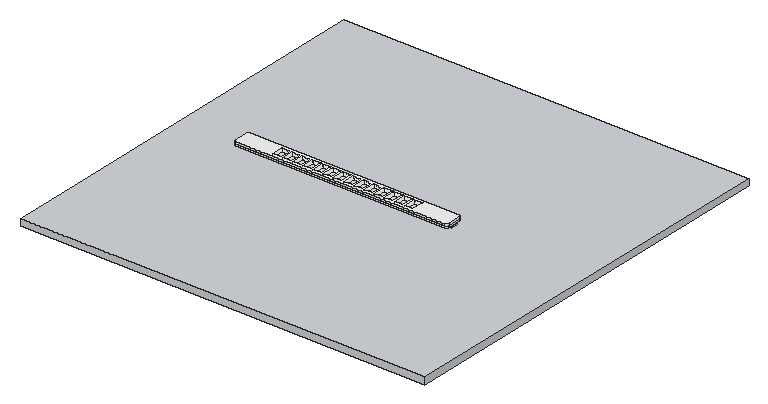
Revit family "Zumtobel CLEVO", category Lighting Fixtures, host Face, Revit 2018
Family settings
  Host = Face
  Round Connector Dimension = Use Diameter
  Part Type = Normal
  OmniClass Number = 23.80.70.11
  OmniClass Title = Luminaries for Internal Lighting
  Cut with Voids When Loaded = No
  Light Source = Yes
  Shared = No
  Room Calculation Point = No
Parameters (values of type "CLEVO MSC 3400-840 L1580 LDO SR SRG TEC")
  Width = 60 mm  # constant formula
  Wattage Comments = ""
  Wattage = 22.7545 W
  built-in parameter 1150110 = 1 (stored number, unit not read)
  Voltage = 230 V
  URL = "http://www.zumtobel.com/442943073"
  Type Comments = "© Zumtobel. We reserve the right to make technical changes without prior notice."  # constant formula
  built-in parameter 1114217 = 1 (stored number, unit not read)
  Tilt Angle = 180.00°
  built-in parameter 1150109 = 1 (stored number, unit not read)
  built-in parameter 1150134 = 12
  built-in parameter 1150113 = 1 (stored number, unit not read)
  Photometric Web File = "42943073_(STD_LEO).IES"
  built-in parameter 1150105 = 268.97 (stored number, unit not read)
  Lumens = 3380 lm
  built-in parameter 1150115 = 1 (stored number, unit not read)
  built-in parameter 1150137 = (empty or 0)
  built-in parameter 1150139 = (empty or 0)
  Length = 1580 mm  # constant formula
  built-in parameter 1150112 = 1 (stored number, unit not read)
  built-in parameter 1150114 = 1 (stored number, unit not read)
  built-in parameter 1150132 = 2
  built-in parameter 1150102 = (empty or 0)
  built-in parameter 1150107 = 4000 (stored number, unit not read)
  built-in parameter 1150138 = (empty or 0)
  built-in parameter 1150106 = 2.6897 (stored number, unit not read)
  Height = 85 mm  # constant formula
  built-in parameter 1150104 = 13.8 (stored number, unit not read)
  Dimming Lamp Color Temperature Shift = <None>
  Model = "42943073"
  Manufacturer = "Zumtobel Lighting"  # constant formula
  Lamp = "LED"
  Description = "LED TEC luminaire"  # constant formula
  Default Elevation = 0 mm
  Color Filter = 16777215
  Body [instance] = ZG_Metal_White
  built-in parameter 1114218 = 1 (stored number, unit not read)
  built-in parameter 1150133 = 10 (stored number, unit not read)
  Assembly Code = "D5020200"
  Apparent Load = 24.5 VA
Reference planes
  plane 1 "Center (Front/Back)": y = 0
  plane 2 "Bottom": z = 0
  plane 3 "Center (Left/Right)": x = -735.5
  plane 4 "Left": x = -1525.5
  plane 5: y = -22
  plane 6: y = 22
  plane 7: z = 37.5
  plane 8 "Right": x = 54.5
  plane 9: z = 24
  plane 10: z = 10.5
  plane 11: z = 5.643
  plane 12: y = 64
  plane 13: y = -64
  plane 14: x = -1375.5
  plane 15 "2": x = -95.5
Forms (mm)
  Extrusion 1, solid
    sketch origin (123, 0, 0) x (1, 0, 0) y (0, 1, 0)
      loop
        line (-2085.5, 1500) -> (-2085.5, -1500) -> (914.5, -1500) -> (914.5, 1500) -> (-2085.5, 1500)
    from 0 to -50
  Extrusion 2, solid, material "ZG_Metal_White" <- "Body"
    sketch origin (-735.5, 0, -48.078) x (0, -1, 0) y (0, 0, 1)
      loop
        line (-49, 58.578) -> (-49, 53.72) -> (49, 53.72) -> (49, 58.578) -> (-49, 58.578)
    from -640 to 640
  Extrusion 3, solid, material "ZG_Metal_White" <- "Body"
    sketch origin (0, 0, 0) x (1, 0, 0) y (0, 1, 0)
      loop
        arc (-1510.5, 64) -> (-1521.107, 59.607) -> (-1525.5, 49) r 15
        line (-1525.5, 49) -> (-1525.5, -49)
        arc (-1525.5, -49) -> (-1521.107, -59.607) -> (-1510.5, -64) r 15
        line (-1510.5, -64) -> (39.5, -64)
        arc (39.5, -64) -> (50.107, -59.607) -> (54.5, -49) r 15
        line (54.5, -49) -> (54.5, 49)
        arc (54.5, 49) -> (50.107, 59.607) -> (39.5, 64) r 15
        line (39.5, 64) -> (-1510.5, 64)
    from 10.5 to 24
  Extrusion 4, solid, material "ZG_Metal_White" <- "Body"
    sketch origin (0, 0, 13.5) x (1, 0, 0) y (0, 1, 0)
      loop
        arc (-1510.5, 64) -> (-1521.107, 59.607) -> (-1525.5, 49) r 15
        line (-1525.5, 49) -> (-1525.5, -49)
        arc (-1525.5, -49) -> (-1521.107, -59.607) -> (-1510.5, -64) r 15
        line (-1510.5, -64) -> (39.5, -64)
        arc (39.5, -64) -> (50.107, -59.607) -> (54.5, -49) r 15
        line (54.5, -49) -> (54.5, 49)
        arc (54.5, 49) -> (50.107, 59.607) -> (39.5, 64) r 15
        line (39.5, 64) -> (-1510.5, 64)
    from 10.5 to 24
  Blend 5, void
    base sketch origin (76.229, 0, 0) x (1, 0, 0) y (0, 1, 0)
      loop
        line (-1334.229, 44) -> (-1334.229, -44) -> (-1269.229, -44) -> (-1269.229, 44) -> (-1334.229, 44)
    top sketch origin (76.229, 0, 0) x (1, 0, 0) y (0, 1, 0)
      loop
        line (-1319.229, 29) -> (-1319.229, -29) -> (-1284.229, -29) -> (-1284.229, 29) -> (-1319.229, 29)
    from 37.5 to 24
  Blend 6, void
    base sketch origin (151.229, 0, 0) x (1, 0, 0) y (0, 1, 0)
      loop
        line (-1334.229, 44) -> (-1334.229, -44) -> (-1269.229, -44) -> (-1269.229, 44) -> (-1334.229, 44)
    top sketch origin (151.229, 0, 0) x (1, 0, 0) y (0, 1, 0)
      loop
        line (-1319.229, 29) -> (-1319.229, -29) -> (-1284.229, -29) -> (-1284.229, 29) -> (-1319.229, 29)
    from 37.5 to 24
  Blend 7, void
    base sketch origin (226.229, 0, 0) x (1, 0, 0) y (0, 1, 0)
      loop
        line (-1334.229, 44) -> (-1334.229, -44) -> (-1269.229, -44) -> (-1269.229, 44) -> (-1334.229, 44)
    top sketch origin (226.229, 0, 0) x (1, 0, 0) y (0, 1, 0)
      loop
        line (-1319.229, 29) -> (-1319.229, -29) -> (-1284.229, -29) -> (-1284.229, 29) -> (-1319.229, 29)
    from 37.5 to 24
  Blend 8, void
    base sketch origin (301.229, 0, 0) x (1, 0, 0) y (0, 1, 0)
      loop
        line (-1334.229, 44) -> (-1334.229, -44) -> (-1269.229, -44) -> (-1269.229, 44) -> (-1334.229, 44)
    top sketch origin (301.229, 0, 0) x (1, 0, 0) y (0, 1, 0)
      loop
        line (-1319.229, 29) -> (-1319.229, -29) -> (-1284.229, -29) -> (-1284.229, 29) -> (-1319.229, 29)
    from 37.5 to 24
  Blend 9, void
    base sketch origin (376.229, 0, 0) x (1, 0, 0) y (0, 1, 0)
      loop
        line (-1334.229, 44) -> (-1334.229, -44) -> (-1269.229, -44) -> (-1269.229, 44) -> (-1334.229, 44)
    top sketch origin (376.229, 0, 0) x (1, 0, 0) y (0, 1, 0)
      loop
        line (-1319.229, 29) -> (-1319.229, -29) -> (-1284.229, -29) -> (-1284.229, 29) -> (-1319.229, 29)
    from 37.5 to 24
  Blend 10, void
    base sketch origin (451.229, 0, 0) x (1, 0, 0) y (0, 1, 0)
      loop
        line (-1334.229, 44) -> (-1334.229, -44) -> (-1269.229, -44) -> (-1269.229, 44) -> (-1334.229, 44)
    top sketch origin (451.229, 0, 0) x (1, 0, 0) y (0, 1, 0)
      loop
        line (-1319.229, 29) -> (-1319.229, -29) -> (-1284.229, -29) -> (-1284.229, 29) -> (-1319.229, 29)
    from 37.5 to 24
  Blend 11, void
    base sketch origin (526.229, 0, 0) x (1, 0, 0) y (0, 1, 0)
      loop
        line (-1334.229, 44) -> (-1334.229, -44) -> (-1269.229, -44) -> (-1269.229, 44) -> (-1334.229, 44)
    top sketch origin (526.229, 0, 0) x (1, 0, 0) y (0, 1, 0)
      loop
        line (-1319.229, 29) -> (-1319.229, -29) -> (-1284.229, -29) -> (-1284.229, 29) -> (-1319.229, 29)
    from 37.5 to 24
  Blend 12, void
    base sketch origin (-1547.229, 0, 0) x (-1, 0, 0) y (0, -1, 0)
      loop
        line (-1334.229, -44) -> (-1269.229, -44) -> (-1269.229, 44) -> (-1334.229, 44) -> (-1334.229, -44)
    top sketch origin (-1547.229, 0, 0) x (-1, 0, 0) y (0, -1, 0)
      loop
        line (-1319.229, -29) -> (-1284.229, -29) -> (-1284.229, 29) -> (-1319.229, 29) -> (-1319.229, -29)
    from 37.5 to 24
  Blend 13, void
    base sketch origin (-1622.229, 0, 0) x (-1, 0, 0) y (0, -1, 0)
      loop
        line (-1334.229, -44) -> (-1269.229, -44) -> (-1269.229, 44) -> (-1334.229, 44) -> (-1334.229, -44)
    top sketch origin (-1622.229, 0, 0) x (-1, 0, 0) y (0, -1, 0)
      loop
        line (-1319.229, -29) -> (-1284.229, -29) -> (-1284.229, 29) -> (-1319.229, 29) -> (-1319.229, -29)
    from 37.5 to 24
  Blend 14, void
    base sketch origin (-1697.229, 0, 0) x (-1, 0, 0) y (0, -1, 0)
      loop
        line (-1334.229, -44) -> (-1269.229, -44) -> (-1269.229, 44) -> (-1334.229, 44) -> (-1334.229, -44)
    top sketch origin (-1697.229, 0, 0) x (-1, 0, 0) y (0, -1, 0)
      loop
        line (-1319.229, -29) -> (-1284.229, -29) -> (-1284.229, 29) -> (-1319.229, 29) -> (-1319.229, -29)
    from 37.5 to 24
  Blend 15, void
    base sketch origin (-1772.229, 0, 0) x (-1, 0, 0) y (0, -1, 0)
      loop
        line (-1334.229, -44) -> (-1269.229, -44) -> (-1269.229, 44) -> (-1334.229, 44) -> (-1334.229, -44)
    top sketch origin (-1772.229, 0, 0) x (-1, 0, 0) y (0, -1, 0)
      loop
        line (-1319.229, -29) -> (-1284.229, -29) -> (-1284.229, 29) -> (-1319.229, 29) -> (-1319.229, -29)
    from 37.5 to 24
  Blend 16, void
    base sketch origin (-1847.229, 0, 0) x (-1, 0, 0) y (0, -1, 0)
      loop
        line (-1334.229, -44) -> (-1269.229, -44) -> (-1269.229, 44) -> (-1334.229, 44) -> (-1334.229, -44)
    top sketch origin (-1847.229, 0, 0) x (-1, 0, 0) y (0, -1, 0)
      loop
        line (-1319.229, -29) -> (-1284.229, -29) -> (-1284.229, 29) -> (-1319.229, 29) -> (-1319.229, -29)
    from 37.5 to 24
  Blend 17, void
    base sketch origin (-1922.229, 0, 0) x (-1, 0, 0) y (0, -1, 0)
      loop
        line (-1334.229, -44) -> (-1269.229, -44) -> (-1269.229, 44) -> (-1334.229, 44) -> (-1334.229, -44)
    top sketch origin (-1922.229, 0, 0) x (-1, 0, 0) y (0, -1, 0)
      loop
        line (-1319.229, -29) -> (-1284.229, -29) -> (-1284.229, 29) -> (-1319.229, 29) -> (-1319.229, -29)
    from 37.5 to 24
  Blend 18, void
    base sketch origin (-1997.229, 0, 0) x (-1, 0, 0) y (0, -1, 0)
      loop
        line (-1334.229, -44) -> (-1269.229, -44) -> (-1269.229, 44) -> (-1334.229, 44) -> (-1334.229, -44)
    top sketch origin (-1997.229, 0, 0) x (-1, 0, 0) y (0, -1, 0)
      loop
        line (-1319.229, -29) -> (-1284.229, -29) -> (-1284.229, 29) -> (-1319.229, 29) -> (-1319.229, -29)
    from 37.5 to 24
  Extrusion 19, solid, material "ZG_Metal_White" <- "Body"
    sketch origin (-735.5, 0, -48.078) x (0, -1, 0) y (0, 0, 1)
      loop
        line (-24.468, 53.72) -> (-24.468, 42) -> (-21.81, 42) -> (-21.81, 48.078) -> (21.81, 48.078) -> (21.81, 42) -> (24.468, 42) -> (24.468, 53.72) -> (-24.468, 53.72)
    from -790 to 790
Cuts and joins
  Blend 5, Blend 6, Blend 7, Blend 8, Blend 9, Blend 10, Blend 11, Blend 12, Blend 13, Blend 14, Blend 15, Blend 16, Blend 17, Blend 18 cuts Extrusion 4
  Blend 6, Blend 7, Blend 8, Blend 9, Blend 10, Blend 11, Blend 12, Blend 13, Blend 14, Blend 15, Blend 16, Blend 17, Blend 18 cuts Extrusion 3
Lines and regions (mm)
  symbolic lines, not visible, detail levels coarse
    curve 1: line (-735.5, 80, 0) -> (-735.5, -80, 0)
    curve 2: line (-735.5, 80, 0) -> (-735.5, -80, 0)
Dimensions and locks
  equal spacing: plane 4 "Left", plane 3 "Center (Left/Right)", plane 8 "Right"
  "Length": plane 4 "Left" to plane 8 "Right"
  locked: plane 7 to plane 2 "Bottom" at 37.5
  plane 12 to imposter light to plane 13 = 64 mm locked, 64 mm locked
  plane 7 to plane 9 to plane 10 = 13.5 mm locked, 13.5 mm locked
  locked: plane 4 "Left" to plane 14 at 150
  locked: plane 8 "Right" to plane 15 "2" at 150
  aligned and locked: plane 2 "Bottom" to Extrusion 1
  aligned and locked: level to Extrusion 1
  aligned and locked: imposter light to plane 3 "Center (Left/Right)"
  aligned and locked: imposter light to plane 1 "Center (Front/Back)"
  aligned and locked: imposter light to plane 7
  aligned and locked: Extrusion 2 sketch curve to plane 11
  aligned and locked: plane 10 to Extrusion 2 sketch curve
  aligned and locked: plane 12 to Extrusion 3 sketch curve
  aligned and locked: Extrusion 3 sketch curve to plane 4 "Left"
  aligned and locked: plane 13 to Extrusion 3 sketch curve
  aligned and locked: Extrusion 3 sketch curve to plane 8 "Right"
  aligned and locked: Extrusion 3 to plane 10
  aligned and locked: Extrusion 3 to plane 9
  aligned and locked: Extrusion 4 to plane 9
  aligned and locked: plane 7 to Extrusion 4
  aligned and locked: Extrusion 4 sketch curve to plane 8 "Right"
  aligned and locked: plane 12 to Extrusion 4 sketch curve
  aligned and locked: plane 13 to Extrusion 4 sketch curve
  aligned and locked: Extrusion 4 sketch curve to plane 4 "Left"
  aligned and locked: Extrusion 2 to plane 14
  aligned and locked: plane 4 "Left" to Extrusion 19
  aligned and locked: plane 15 "2" to Extrusion 2
Automatic sketch dimensions
  curve 1 to plane 3 "Center (Left/Right)" = 0 mm
  curve 2 to plane 3 "Center (Left/Right)" = 0 mm
  curve 1 to plane 13 = 16 mm
  curve 2 to curve 1 = 0 mm
  curve 2 to plane 12 = 16 mm
  curve 1 to curve 2 = 0 mm
  Extrusion 1 sketch curve to Extrusion 1 sketch curve = 3000 mm  (x2)
  plane 12 to Extrusion 2 sketch curve = 15 mm
  plane 13 to Extrusion 2 sketch curve = 15 mm
  Extrusion 3 sketch curve to plane 4 "Left" = 15 mm
  Extrusion 3 sketch curve to Extrusion 3 sketch curve = 15 mm
  Extrusion 3 sketch curve to plane 8 "Right" = 15 mm  (x2)
  Extrusion 4 sketch curve to plane 4 "Left" = 15 mm  (x2)
  Extrusion 4 sketch curve to plane 8 "Right" = 15 mm  (x2)
  plane 13 to Blend 5 sketch curve = 20 mm
  plane 14 to Blend 5 sketch curve = 117.5 mm
  Blend 5 sketch curve to Blend 5 sketch curve = 65 mm
  plane 12 to Blend 5 sketch curve = 20 mm
  plane 5 to Blend 5 sketch curve = 7 mm
  plane 14 to Blend 5 sketch curve = 132.5 mm
  Blend 5 sketch curve to Blend 5 sketch curve = 35 mm
  plane 6 to Blend 5 sketch curve = 7 mm
  plane 13 to Blend 6 sketch curve = 20 mm
  plane 14 to Blend 6 sketch curve = 192.5 mm
  Blend 6 sketch curve to Blend 6 sketch curve = 65 mm
  plane 12 to Blend 6 sketch curve = 20 mm
  plane 5 to Blend 6 sketch curve = 7 mm
  plane 14 to Blend 6 sketch curve = 207.5 mm
  Blend 6 sketch curve to Blend 6 sketch curve = 35 mm
  plane 6 to Blend 6 sketch curve = 7 mm
  plane 13 to Blend 7 sketch curve = 20 mm
  plane 14 to Blend 7 sketch curve = 267.5 mm
  Blend 7 sketch curve to Blend 7 sketch curve = 65 mm
  plane 12 to Blend 7 sketch curve = 20 mm
  plane 5 to Blend 7 sketch curve = 7 mm
  plane 14 to Blend 7 sketch curve = 282.5 mm
  Blend 7 sketch curve to Blend 7 sketch curve = 35 mm
  plane 6 to Blend 7 sketch curve = 7 mm
  plane 13 to Blend 8 sketch curve = 20 mm
  plane 3 "Center (Left/Right)" to Blend 8 sketch curve = 297.5 mm
  Blend 8 sketch curve to Blend 8 sketch curve = 65 mm
  plane 12 to Blend 8 sketch curve = 20 mm
  plane 5 to Blend 8 sketch curve = 7 mm
  plane 3 "Center (Left/Right)" to Blend 8 sketch curve = 282.5 mm
  Blend 8 sketch curve to Blend 8 sketch curve = 35 mm
  plane 6 to Blend 8 sketch curve = 7 mm
  plane 13 to Blend 9 sketch curve = 20 mm
  plane 3 "Center (Left/Right)" to Blend 9 sketch curve = 222.5 mm
  Blend 9 sketch curve to Blend 9 sketch curve = 65 mm
  plane 12 to Blend 9 sketch curve = 20 mm
  plane 5 to Blend 9 sketch curve = 7 mm
  plane 3 "Center (Left/Right)" to Blend 9 sketch curve = 207.5 mm
  Blend 9 sketch curve to Blend 9 sketch curve = 35 mm
  plane 6 to Blend 9 sketch curve = 7 mm
  plane 13 to Blend 10 sketch curve = 20 mm
  plane 3 "Center (Left/Right)" to Blend 10 sketch curve = 147.5 mm
  Blend 10 sketch curve to Blend 10 sketch curve = 65 mm
  plane 12 to Blend 10 sketch curve = 20 mm
  plane 5 to Blend 10 sketch curve = 7 mm
  plane 3 "Center (Left/Right)" to Blend 10 sketch curve = 132.5 mm
  Blend 10 sketch curve to Blend 10 sketch curve = 35 mm
  plane 6 to Blend 10 sketch curve = 7 mm
  plane 13 to Blend 11 sketch curve = 20 mm
  plane 3 "Center (Left/Right)" to Blend 11 sketch curve = 72.5 mm
  plane 3 "Center (Left/Right)" to Blend 11 sketch curve = 7.5 mm
  plane 12 to Blend 11 sketch curve = 20 mm
  plane 5 to Blend 11 sketch curve = 7 mm
  plane 3 "Center (Left/Right)" to Blend 11 sketch curve = 57.5 mm
  plane 3 "Center (Left/Right)" to Blend 11 sketch curve = 22.5 mm
  plane 6 to Blend 11 sketch curve = 7 mm
  Blend 12 sketch curve to plane 13 = 20 mm
  plane 15 "2" to Blend 12 sketch curve = 117.5 mm
  Blend 12 sketch curve to Blend 12 sketch curve = 65 mm
  Blend 12 sketch curve to plane 12 = 20 mm
  Blend 12 sketch curve to plane 5 = 7 mm
  plane 15 "2" to Blend 12 sketch curve = 132.5 mm
  Blend 12 sketch curve to Blend 12 sketch curve = 35 mm
  Blend 12 sketch curve to plane 6 = 7 mm
  Blend 13 sketch curve to plane 13 = 20 mm
  plane 15 "2" to Blend 13 sketch curve = 192.5 mm
  Blend 13 sketch curve to Blend 13 sketch curve = 65 mm
  Blend 13 sketch curve to plane 12 = 20 mm
  Blend 13 sketch curve to plane 5 = 7 mm
  plane 15 "2" to Blend 13 sketch curve = 207.5 mm
  Blend 13 sketch curve to Blend 13 sketch curve = 35 mm
  Blend 13 sketch curve to plane 6 = 7 mm
  Blend 14 sketch curve to plane 13 = 20 mm
  plane 15 "2" to Blend 14 sketch curve = 267.5 mm
  Blend 14 sketch curve to Blend 14 sketch curve = 65 mm
  Blend 14 sketch curve to plane 12 = 20 mm
  Blend 14 sketch curve to plane 5 = 7 mm
  plane 15 "2" to Blend 14 sketch curve = 282.5 mm
  Blend 14 sketch curve to Blend 14 sketch curve = 35 mm
  Blend 14 sketch curve to plane 6 = 7 mm
  Blend 15 sketch curve to plane 13 = 20 mm
  plane 3 "Center (Left/Right)" to Blend 15 sketch curve = 297.5 mm
  Blend 15 sketch curve to Blend 15 sketch curve = 65 mm
  Blend 15 sketch curve to plane 12 = 20 mm
  Blend 15 sketch curve to plane 5 = 7 mm
  plane 3 "Center (Left/Right)" to Blend 15 sketch curve = 282.5 mm
  Blend 15 sketch curve to Blend 15 sketch curve = 35 mm
  Blend 15 sketch curve to plane 6 = 7 mm
  Blend 16 sketch curve to plane 13 = 20 mm
  plane 3 "Center (Left/Right)" to Blend 16 sketch curve = 222.5 mm
  Blend 16 sketch curve to Blend 16 sketch curve = 65 mm
  Blend 16 sketch curve to plane 12 = 20 mm
  Blend 16 sketch curve to plane 5 = 7 mm
  plane 3 "Center (Left/Right)" to Blend 16 sketch curve = 207.5 mm
  Blend 16 sketch curve to Blend 16 sketch curve = 35 mm
  Blend 16 sketch curve to plane 6 = 7 mm
  Blend 17 sketch curve to plane 13 = 20 mm
  plane 3 "Center (Left/Right)" to Blend 17 sketch curve = 147.5 mm
  Blend 17 sketch curve to Blend 17 sketch curve = 65 mm
  Blend 17 sketch curve to plane 12 = 20 mm
  Blend 17 sketch curve to plane 5 = 7 mm
  plane 3 "Center (Left/Right)" to Blend 17 sketch curve = 132.5 mm
  Blend 17 sketch curve to Blend 17 sketch curve = 35 mm
  Blend 17 sketch curve to plane 6 = 7 mm
  Blend 18 sketch curve to plane 13 = 20 mm
  plane 3 "Center (Left/Right)" to Blend 18 sketch curve = 72.5 mm
  plane 3 "Center (Left/Right)" to Blend 18 sketch curve = 7.5 mm
  Blend 18 sketch curve to plane 12 = 20 mm
  Blend 18 sketch curve to plane 5 = 7 mm
  plane 3 "Center (Left/Right)" to Blend 18 sketch curve = 57.5 mm
  plane 3 "Center (Left/Right)" to Blend 18 sketch curve = 22.5 mm
  Blend 18 sketch curve to plane 6 = 7 mm
  Extrusion 19 sketch curve to level = 0 mm
  plane 6 to Extrusion 19 sketch curve = 2.468 mm
  Extrusion 19 sketch curve to plane 6 = 0.19 mm
  Extrusion 19 sketch curve to plane 5 = 0.19 mm
  Extrusion 19 sketch curve to level = 6.078 mm  (x2)
  Extrusion 19 sketch curve to plane 11 = 0 mm
  plane 5 to Extrusion 19 sketch curve = 2.468 mm
Connectors
  electrical at (-735.5, 0, 0), driven by "Apparent Load", driven by "Voltage"
    settings: index 1, voltage 230 V, apparent load 0 VA, apparent load phase1 24.5 VA, apparent load phase2 0 VA, apparent load phase3 0 VA, power factor 1, load classification "Lighting", number of poles 1, system type 31, power factor state 1, is connector primary yes, connector utility no, sub classification motor no, connector description "Power"
